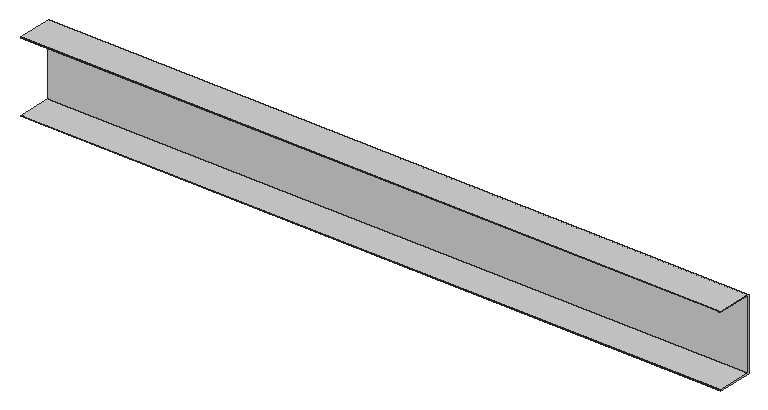
Revit family "BIMSF-SSMA-T-Horizontal", category Structural Framing, Revit 2024
Family settings
  Section Shape = C Profile
  Material for Model Behavior = Steel
  Always export as geometry = No
  Always vertical = Yes
  Cut with Voids When Loaded = No
  Symbolic Representation = From Project Settings
  Shared = No
  Show family pre-cut in plan views = Yes
Parameters (values of type "600T300-33(33)")
  tf1 = 0' - 0"
  r = 0' - 0.035"
  Xcg = bf / 2  # 0' - 1 1/2"
  Weight = 0.00 lbf/ft
  Structural Material [instance] = Metal - Steel - ASTM A992
  Short Tag = ""
  Reported Length [instance] = 5' - 0"
  Model = "V2"
  Long Tag = ""
  DimpleLine = 0' - 0"
  A = 0.25 in²
  Assembly Code = "B10"
  Length [instance] = 5' - 0"
  W = 0.85
  bf = 0' - 3"
  d = 0' - 6"
  tf = 0' - 0.035"
Reference planes (in)
  plane 1 "Center (Front/Back)": y = 0
  plane 2: z = 0
  plane 3 "Center (Left/Right)": x = 0.1815
  plane 4 "Top": z = 3.035
  plane 5: z = -3.035
  plane 6 "Left": x = -29.8185
  plane 7 "Right": x = 30.1815
  plane 8: y = -1.5
  plane 9: y = 1.5
  plane 10: y = 1.465
  plane 11: z = 3
  plane 12: z = -3
Forms (in)
  Extrusion 1, solid, material "Metal - Steel - ASTM A992" <- "Structural Material", detail levels medium+fine
    sketch origin (-29.8185, 0.02734, 0.16016) x (0, -1, 0) y (0, 0, 1)
      loop
        line (1.52734, 2.87484) -> (-1.47266, 2.87484) -> (-1.47266, -3.19516) -> (1.52734, -3.19516) -> (1.52734, -3.16016) -> (-1.43766, -3.16016) -> (-1.43766, 2.83984) -> (1.52734, 2.83984) -> (1.52734, 2.87484)
    from -60 to 0
Lines and regions (in)
  model lines, style "BIMSF.Framing", not visible, detail levels coarse
    curve 1: line (-29.8185, 0, 0) -> (30.1815, 0, 0)
Dimensions and locks (in)
  "d": plane 12 to plane 11
  equal spacing: plane 5, plane 2, plane 4 "Top"
  "Length": plane 6 "Left" to plane 7 "Right"
  "bf": plane 9 to plane 8
  equal spacing: plane 9, plane 1 "Center (Front/Back)", plane 8
  "tf": plane 4 "Top" to plane 11
  "tf": plane 12 to plane 5
  "tf": plane 9 to plane 10
  "Reported Length": Extrusion 1 to Extrusion 1
  aligned and locked: Extrusion 1 sketch curve to plane 4 "Top"
  aligned and locked: plane 8 to Extrusion 1 sketch curve  (x2)
  aligned and locked: Extrusion 1 sketch curve to plane 11
  aligned and locked: plane 10 to Extrusion 1 sketch curve
  aligned and locked: plane 12 to Extrusion 1 sketch curve
  aligned and locked: plane 5 to Extrusion 1 sketch curve
  aligned and locked: Extrusion 1 sketch curve to plane 9
  aligned and locked: plane 2 to level
  aligned and locked: Extrusion 1 to plane 7 "Right"
  aligned and locked: plane 6 "Left" to Extrusion 1
  aligned and locked: plane 1 "Center (Front/Back)" to curve 1
  aligned and locked: plane 6 "Left" to curve 1
  aligned and locked: plane 7 "Right" to curve 1
Types in the file's own list only (143): name | r | Xcg | Weight | bf | d | tf
  162T125-18(33) | 0' - 0" | 0' - 0 1/2" | 0.26 lbf/ft | 0' - 1 1/2" | 0' - 1 1/2" | 0' - 0"
  162T125-27(33) | 0' - 0" | 0' - 0 1/2" | 0.40 lbf/ft | 0' - 1 1/2" | 0' - 1 1/2" | 0' - 0"
  162T125-30(33) | 0' - 0" | 0' - 0 1/2" | 0.44 lbf/ft | 0' - 1 1/2" | 0' - 1 1/2" | 0' - 0"
  162T125-33(33) | 0' - 0" | 0' - 0 1/2" | 0.49 lbf/ft | 0' - 1 1/2" | 0' - 1 1/2" | 0' - 0"
  250T125-18(33) | 0' - 0" | 0' - 0 1/2" | 0.32 lbf/ft | 0' - 1 1/2" | 0' - 2 1/2" | 0' - 0"
  250T125-27(33) | 0' - 0" | 0' - 0 1/2" | 0.48 lbf/ft | 0' - 1 1/2" | 0' - 2 1/2" | 0' - 0"
  250T125-30(33) | 0' - 0" | 0' - 0 1/2" | 0.53 lbf/ft | 0' - 1 1/2" | 0' - 2 1/2" | 0' - 0"
  250T125-33(33) | 0' - 0" | 0' - 0 1/2" | 0.59 lbf/ft | 0' - 1 1/2" | 0' - 2 1/2" | 0' - 0"
  250T125-43(33) | 0' - 0" | 0' - 0 1/2" | 0.77 lbf/ft | 0' - 1 1/2" | 0' - 2 1/2" | 0' - 0"
  250T125-54(50) | 0' - 0" | 0' - 0 1/2" | 0.96 lbf/ft | 0' - 1 1/2" | 0' - 2 1/2" | 0' - 0"
  250T125-68(50) | 0' - 0" | 0' - 0 1/2" | 1.21 lbf/ft | 0' - 1 1/2" | 0' - 2 1/2" | 0' - 0"
  250T150-27(33) | 0' - 0" | 0' - 1" | 0.53 lbf/ft | 0' - 1 1/2" | 0' - 2 1/2" | 0' - 0"
  250T150-30(33) | 0' - 0" | 0' - 1" | 0.58 lbf/ft | 0' - 1 1/2" | 0' - 2 1/2" | 0' - 0"
  250T150-33(33) | 0' - 0" | 0' - 1" | 0.65 lbf/ft | 0' - 1 1/2" | 0' - 2 1/2" | 0' - 0"
  250T150-43(33) | 0' - 0" | 0' - 1" | 0.84 lbf/ft | 0' - 1 1/2" | 0' - 2 1/2" | 0' - 0"
  250T150-54(50) | 0' - 0" | 0' - 1" | 1.06 lbf/ft | 0' - 1 1/2" | 0' - 2 1/2" | 0' - 0"
  250T150-68(50) | 0' - 0" | 0' - 1" | 1.90 lbf/ft | 0' - 1 1/2" | 0' - 2 1/2" | 0' - 0"
  250T200-33(33) | 0' - 0" | 0' - 1" | 0.76 lbf/ft | 0' - 2" | 0' - 2 1/2" | 0' - 0"
  250T200-43(33) | 0' - 0" | 0' - 1" | 1.00 lbf/ft | 0' - 2" | 0' - 2 1/2" | 0' - 0"
  250T200-54(50) | 0' - 0" | 0' - 1" | 1.25 lbf/ft | 0' - 2" | 0' - 2 1/2" | 0' - 0"
  250T200-68(50) | 0' - 0" | 0' - 1" | 1.57 lbf/ft | 0' - 2" | 0' - 2 1/2" | 0' - 0"
  350T125-18(33) | 0' - 0" | 0' - 0 1/2" | 0.38 lbf/ft | 0' - 1 1/2" | 0' - 3 1/2" | 0' - 0"
  350T125-27(33) | 0' - 0" | 0' - 0 1/2" | 0.58 lbf/ft | 0' - 1 1/2" | 0' - 3 1/2" | 0' - 0"
  350T125-30(33) | 0' - 0" | 0' - 0 1/2" | 0.64 lbf/ft | 0' - 1 1/2" | 0' - 3 1/2" | 0' - 0"
  350T125-33(33) | 0' - 0" | 0' - 0 1/2" | 0.71 lbf/ft | 0' - 1 1/2" | 0' - 3 1/2" | 0' - 0"
  350T125-43(33) | 0' - 0" | 0' - 0 1/2" | 0.92 lbf/ft | 0' - 1 1/2" | 0' - 3 1/2" | 0' - 0"
  350T125-54(50) | 0' - 0" | 0' - 0 1/2" | 1.15 lbf/ft | 0' - 1 1/2" | 0' - 3 1/2" | 0' - 0"
  350T125-68(50) | 0' - 0" | 0' - 0 1/2" | 1.45 lbf/ft | 0' - 1 1/2" | 0' - 3 1/2" | 0' - 0"
  350T150-27(33) | 0' - 0" | 0' - 1" | 0.63 lbf/ft | 0' - 1 1/2" | 0' - 3 1/2" | 0' - 0"
  350T150-30(33) | 0' - 0" | 0' - 1" | 0.69 lbf/ft | 0' - 1 1/2" | 0' - 3 1/2" | 0' - 0"
  350T150-33(33) | 0' - 0" | 0' - 1" | 0.76 lbf/ft | 0' - 1 1/2" | 0' - 3 1/2" | 0' - 0"
  350T150-43(33) | 0' - 0" | 0' - 1" | 1.00 lbf/ft | 0' - 1 1/2" | 0' - 3 1/2" | 0' - 0"
  350T150-54(50) | 0' - 0" | 0' - 1" | 1.25 lbf/ft | 0' - 1 1/2" | 0' - 3 1/2" | 0' - 0"
  350T150-68(50) | 0' - 0" | 0' - 1" | 1.57 lbf/ft | 0' - 1 1/2" | 0' - 3 1/2" | 0' - 0"
  350T200-33(33) | 0' - 0" | 0' - 1" | 0.88 lbf/ft | 0' - 2" | 0' - 3 1/2" | 0' - 0"
  350T200-43(33) | 0' - 0" | 0' - 1" | 1.15 lbf/ft | 0' - 2" | 0' - 3 1/2" | 0' - 0"
  350T200-54(50) | 0' - 0" | 0' - 1" | 1.44 lbf/ft | 0' - 2" | 0' - 3 1/2" | 0' - 0"
  350T200-68(50) | 0' - 0" | 0' - 1" | 1.85 lbf/ft | 0' - 2" | 0' - 3 1/2" | 0' - 0"
  362T125-18(33) | 0' - 0" | 0' - 0 1/2" | 0.39 lbf/ft | 0' - 1 1/2" | 0' - 3 1/2" | 0' - 0"
  362T125-27(33) | 0' - 0" | 0' - 0 1/2" | 0.59 lbf/ft | 0' - 1 1/2" | 0' - 3 1/2" | 0' - 0"
  362T125-30(33) | 0' - 0" | 0' - 0 1/2" | 0.65 lbf/ft | 0' - 1 1/2" | 0' - 3 1/2" | 0' - 0"
  362T125-33(33) | 0' - 0" | 0' - 0 1/2" | 0.72 lbf/ft | 0' - 1 1/2" | 0' - 3 1/2" | 0' - 0"
  362T125-43(33) | 0' - 0" | 0' - 0 1/2" | 0.94 lbf/ft | 0' - 1 1/2" | 0' - 3 1/2" | 0' - 0"
  362T125-54(50) | 0' - 0" | 0' - 0 1/2" | 1.18 lbf/ft | 0' - 1 1/2" | 0' - 3 1/2" | 0' - 0"
  362T125-68(50) | 0' - 0" | 0' - 0 1/2" | 1.48 lbf/ft | 0' - 1 1/2" | 0' - 3 1/2" | 0' - 0"
  362T150-27(33) | 0' - 0" | 0' - 1" | 0.64 lbf/ft | 0' - 1 1/2" | 0' - 3 1/2" | 0' - 0"
  362T150-30(33) | 0' - 0" | 0' - 1" | 0.70 lbf/ft | 0' - 1 1/2" | 0' - 3 1/2" | 0' - 0"
  362T150-33(33) | 0' - 0" | 0' - 1" | 0.78 lbf/ft | 0' - 1 1/2" | 0' - 3 1/2" | 0' - 0"
  362T150-43(33) | 0' - 0" | 0' - 1" | 1.02 lbf/ft | 0' - 1 1/2" | 0' - 3 1/2" | 0' - 0"
  362T150-54(50) | 0' - 0" | 0' - 1" | 1.27 lbf/ft | 0' - 1 1/2" | 0' - 3 1/2" | 0' - 0"
  362T150-68(50) | 0' - 0" | 0' - 1" | 1.60 lbf/ft | 0' - 1 1/2" | 0' - 3 1/2" | 0' - 0"
  362T200-33(33) | 0' - 0" | 0' - 1" | 0.90 lbf/ft | 0' - 2" | 0' - 3 1/2" | 0' - 0"
  362T200-43(33) | 0' - 0" | 0' - 1" | 1.17 lbf/ft | 0' - 2" | 0' - 3 1/2" | 0' - 0"
  362T200-54(50) | 0' - 0" | 0' - 1" | 1.47 lbf/ft | 0' - 2" | 0' - 3 1/2" | 0' - 0"
  362T200-68(50) | 0' - 0" | 0' - 1" | 1.85 lbf/ft | 0' - 2" | 0' - 3 1/2" | 0' - 0"
  400T125-18(33) | 0' - 0" | 0' - 0 1/2" | 0.41 lbf/ft | 0' - 1 1/2" | 0' - 4" | 0' - 0"
  400T125-27(33) | 0' - 0" | 0' - 0 1/2" | 0.63 lbf/ft | 0' - 1 1/2" | 0' - 4" | 0' - 0"
  400T125-30(33) | 0' - 0" | 0' - 0 1/2" | 0.69 lbf/ft | 0' - 1 1/2" | 0' - 4" | 0' - 0"
  400T125-33(33) | 0' - 0" | 0' - 0 1/2" | 0.76 lbf/ft | 0' - 1 1/2" | 0' - 4" | 0' - 0"
  400T125-43(33) | 0' - 0" | 0' - 0 1/2" | 1.00 lbf/ft | 0' - 1 1/2" | 0' - 4" | 0' - 0"
  400T125-54(50) | 0' - 0" | 0' - 0 1/2" | 1.25 lbf/ft | 0' - 1 1/2" | 0' - 4" | 0' - 0"
  400T125-68(50) | 0' - 0" | 0' - 0 1/2" | 1.57 lbf/ft | 0' - 1 1/2" | 0' - 4" | 0' - 0"
  400T150-27(33) | 0' - 0" | 0' - 1" | 0.67 lbf/ft | 0' - 1 1/2" | 0' - 4" | 0' - 0"
  400T150-30(33) | 0' - 0" | 0' - 1" | 0.74 lbf/ft | 0' - 1 1/2" | 0' - 4" | 0' - 0"
  400T150-33(33) | 0' - 0" | 0' - 1" | 0.82 lbf/ft | 0' - 1 1/2" | 0' - 4" | 0' - 0"
  400T150-43(33) | 0' - 0" | 0' - 1" | 1.07 lbf/ft | 0' - 1 1/2" | 0' - 4" | 0' - 0"
  400T150-54(50) | 0' - 0" | 0' - 1" | 1.35 lbf/ft | 0' - 1 1/2" | 0' - 4" | 0' - 0"
  400T150-68(50) | 0' - 0" | 0' - 1" | 1.69 lbf/ft | 0' - 1 1/2" | 0' - 4" | 0' - 0"
  400T200-33(33) | 0' - 0" | 0' - 1" | 0.94 lbf/ft | 0' - 2" | 0' - 4" | 0' - 0"
  400T200-43(33) | 0' - 0" | 0' - 1" | 1.23 lbf/ft | 0' - 2" | 0' - 4" | 0' - 0"
  400T200-54(50) | 0' - 0" | 0' - 1" | 1.54 lbf/ft | 0' - 2" | 0' - 4" | 0' - 0"
  400T200-68(50) | 0' - 0" | 0' - 1" | 1.94 lbf/ft | 0' - 2" | 0' - 4" | 0' - 0"
  550T125-27(33) | 0' - 0" | 0' - 0 1/2" | 0.77 lbf/ft | 0' - 1 1/2" | 0' - 5 1/2" | 0' - 0"
  550T125-30(33) | 0' - 0" | 0' - 0 1/2" | 0.85 lbf/ft | 0' - 1 1/2" | 0' - 5 1/2" | 0' - 0"
  550T125-33(33) | 0' - 0" | 0' - 0 1/2" | 0.94 lbf/ft | 0' - 1 1/2" | 0' - 5 1/2" | 0' - 0"
  550T125-43(33) | 0' - 0" | 0' - 0 1/2" | 1.23 lbf/ft | 0' - 1 1/2" | 0' - 5 1/2" | 0' - 0"
  550T125-54(50) | 0' - 0" | 0' - 0 1/2" | 1.54 lbf/ft | 0' - 1 1/2" | 0' - 5 1/2" | 0' - 0"
  550T125-68(50) | 0' - 0" | 0' - 0 1/2" | 1.94 lbf/ft | 0' - 1 1/2" | 0' - 5 1/2" | 0' - 0"
  550T150-27(33) | 0' - 0" | 0' - 1" | 0.82 lbf/ft | 0' - 1 1/2" | 0' - 5 1/2" | 0' - 0"
  550T150-30(33) | 0' - 0" | 0' - 1" | 0.90 lbf/ft | 0' - 1 1/2" | 0' - 5 1/2" | 0' - 0"
  550T150-33(33) | 0' - 0" | 0' - 1" | 1.00 lbf/ft | 0' - 1 1/2" | 0' - 5 1/2" | 0' - 0"
  550T150-43(33) | 0' - 0" | 0' - 1" | 1.30 lbf/ft | 0' - 1 1/2" | 0' - 5 1/2" | 0' - 0"
  550T150-54(50) | 0' - 0" | 0' - 1" | 1.63 lbf/ft | 0' - 1 1/2" | 0' - 5 1/2" | 0' - 0"
  550T150-68(50) | 0' - 0" | 0' - 1" | 2.06 lbf/ft | 0' - 1 1/2" | 0' - 5 1/2" | 0' - 0"
  550T200-33(33) | 0' - 0" | 0' - 1" | 1.12 lbf/ft | 0' - 2" | 0' - 5 1/2" | 0' - 0"
  550T200-43(33) | 0' - 0" | 0' - 1" | 1.46 lbf/ft | 0' - 2" | 0' - 5 1/2" | 0' - 0"
  550T200-54(50) | 0' - 0" | 0' - 1" | 1.83 lbf/ft | 0' - 2" | 0' - 5 1/2" | 0' - 0"
  550T200-68(50) | 0' - 0" | 0' - 1" | 2.30 lbf/ft | 0' - 2" | 0' - 5 1/2" | 0' - 0"
  600T125-27(33) | 0' - 0" | 0' - 0 1/2" | 0.82 lbf/ft | 0' - 1 1/2" | 0' - 6" | 0' - 0"
  600T125-30(33) | 0' - 0" | 0' - 0 1/2" | 0.90 lbf/ft | 0' - 1 1/2" | 0' - 6" | 0' - 0"
  600T125-33(33) | 0' - 0" | 0' - 0 1/2" | 1.00 lbf/ft | 0' - 1 1/2" | 0' - 6" | 0' - 0"
  600T125-43(33) | 0' - 0" | 0' - 0 1/2" | 1.30 lbf/ft | 0' - 1 1/2" | 0' - 6" | 0' - 0"
  600T125-54(50) | 0' - 0" | 0' - 0 1/2" | 1.63 lbf/ft | 0' - 1 1/2" | 0' - 6" | 0' - 0"
  600T125-68(50) | 0' - 0" | 0' - 0 1/2" | 2.06 lbf/ft | 0' - 1 1/2" | 0' - 6" | 0' - 0"
  600T125-97(50) | 0' - 0" | 0' - 0 1/2" | 2.93 lbf/ft | 0' - 1 1/2" | 0' - 6" | 0' - 0"
  600T150-27(33) | 0' - 0" | 0' - 1" | 0.87 lbf/ft | 0' - 1 1/2" | 0' - 6" | 0' - 0"
  600T150-30(33) | 0' - 0" | 0' - 1" | 0.96 lbf/ft | 0' - 1 1/2" | 0' - 6" | 0' - 0"
  600T150-33(33) | 0' - 0" | 0' - 1" | 1.06 lbf/ft | 0' - 1 1/2" | 0' - 6" | 0' - 0"
  600T150-43(33) | 0' - 0" | 0' - 1" | 1.38 lbf/ft | 0' - 1 1/2" | 0' - 6" | 0' - 0"
  600T150-54(50) | 0' - 0" | 0' - 1" | 1.73 lbf/ft | 0' - 1 1/2" | 0' - 6" | 0' - 0"
  600T150-68(50) | 0' - 0" | 0' - 1" | 2.18 lbf/ft | 0' - 1 1/2" | 0' - 6" | 0' - 0"
  600T150-97(50) | 0' - 0" | 0' - 1" | 3.11 lbf/ft | 0' - 1 1/2" | 0' - 6" | 0' - 0"
  600T200-33(33) | 0' - 0" | 0' - 1" | 1.18 lbf/ft | 0' - 2" | 0' - 6" | 0' - 0"
  600T200-43(33) | 0' - 0" | 0' - 1" | 1.53 lbf/ft | 0' - 2" | 0' - 6" | 0' - 0"
  600T200-54(50) | 0' - 0" | 0' - 1" | 1.92 lbf/ft | 0' - 2" | 0' - 6" | 0' - 0"
  600T200-68(50) | 0' - 0" | 0' - 1" | 2.42 lbf/ft | 0' - 2" | 0' - 6" | 0' - 0"
  600T200-97(50) | 0' - 0" | 0' - 1" | 3.45 lbf/ft | 0' - 2" | 0' - 6" | 0' - 0"
  800T125-33(33) | 0' - 0" | 0' - 0 1/2" | 1.24 lbf/ft | 0' - 1 1/2" | 0' - 8" | 0' - 0"
  800T125-43(33) | 0' - 0" | 0' - 0 1/2" | 1.61 lbf/ft | 0' - 1 1/2" | 0' - 8" | 0' - 0"
  800T125-54(50) | 0' - 0" | 0' - 0 1/2" | 2.02 lbf/ft | 0' - 1 1/2" | 0' - 8" | 0' - 0"
  800T125-68(50) | 0' - 0" | 0' - 0 1/2" | 2.54 lbf/ft | 0' - 1 1/2" | 0' - 8" | 0' - 0"
  800T125-97(50) | 0' - 0" | 0' - 0 1/2" | 3.63 lbf/ft | 0' - 1 1/2" | 0' - 8" | 0' - 0"
  800T150-33(33) | 0' - 0" | 0' - 1" | 1.29 lbf/ft | 0' - 1 1/2" | 0' - 8" | 0' - 0"
  800T150-43(33) | 0' - 0" | 0' - 1" | 1.69 lbf/ft | 0' - 1 1/2" | 0' - 8" | 0' - 0"
  800T150-54(50) | 0' - 0" | 0' - 1" | 2.12 lbf/ft | 0' - 1 1/2" | 0' - 8" | 0' - 0"
  800T150-68(50) | 0' - 0" | 0' - 1" | 2.67 lbf/ft | 0' - 1 1/2" | 0' - 8" | 0' - 0"
  800T150-97(50) | 0' - 0" | 0' - 1" | 3.80 lbf/ft | 0' - 1 1/2" | 0' - 8" | 0' - 0"
  800T200-33(33) | 0' - 0" | 0' - 1" | 1.41 lbf/ft | 0' - 2" | 0' - 8" | 0' - 0"
  800T200-43(33) | 0' - 0" | 0' - 1" | 1.84 lbf/ft | 0' - 2" | 0' - 8" | 0' - 0"
  800T200-54(50) | 0' - 0" | 0' - 1" | 2.31 lbf/ft | 0' - 2" | 0' - 8" | 0' - 0"
  800T200-68(50) | 0' - 0" | 0' - 1" | 2.91 lbf/ft | 0' - 2" | 0' - 8" | 0' - 0"
  800T200-97(50) | 0' - 0" | 0' - 1" | 4.15 lbf/ft | 0' - 2" | 0' - 8" | 0' - 0"
  1000T125-43(33) | 0' - 0" | 0' - 0 1/2" | 1.92 lbf/ft | 0' - 1 1/2" | 0' - 10" | 0' - 0"
  1000T125-54(50) | 0' - 0" | 0' - 0 1/2" | 2.41 lbf/ft | 0' - 1 1/2" | 0' - 10" | 0' - 0"
  1000T125-68(50) | 0' - 0" | 0' - 0 1/2" | 3.03 lbf/ft | 0' - 1 1/2" | 0' - 10" | 0' - 0"
  1000T125-97(50) | 0' - 0" | 0' - 0 1/2" | 4.32 lbf/ft | 0' - 1 1/2" | 0' - 10" | 0' - 0"
  1000T150-43(33) | 0' - 0" | 0' - 1" | 1.99 lbf/ft | 0' - 1 1/2" | 0' - 10" | 0' - 0"
  1000T150-54(50) | 0' - 0" | 0' - 1" | 2.50 lbf/ft | 0' - 1 1/2" | 0' - 10" | 0' - 0"
  1000T150-68(50) | 0' - 0" | 0' - 1" | 3.15 lbf/ft | 0' - 1 1/2" | 0' - 10" | 0' - 0"
  1000T150-97(50) | 0' - 0" | 0' - 1" | 4.49 lbf/ft | 0' - 1 1/2" | 0' - 10" | 0' - 0"
  1000T200-43(33) | 0' - 0" | 0' - 1" | 2.15 lbf/ft | 0' - 2" | 0' - 10" | 0' - 0"
  1000T200-54(50) | 0' - 0" | 0' - 1" | 2.69 lbf/ft | 0' - 2" | 0' - 10" | 0' - 0"
  1000T200-68(50) | 0' - 0" | 0' - 1" | 3.39 lbf/ft | 0' - 2" | 0' - 10" | 0' - 0"
  1000T200-97(50) | 0' - 0" | 0' - 1" | 4.84 lbf/ft | 0' - 2" | 0' - 10" | 0' - 0"
  1200T125-54(50) | 0' - 0" | 0' - 0 1/2" | 2.79 lbf/ft | 0' - 1 1/2" | 1' - 0" | 0' - 0"
  1200T125-68(50) | 0' - 0" | 0' - 0 1/2" | 3.51 lbf/ft | 0' - 1 1/2" | 1' - 0" | 0' - 0"
  1200T125-97(50) | 0' - 0" | 0' - 0 1/2" | 5.01 lbf/ft | 0' - 1 1/2" | 1' - 0" | 0' - 0"
  1200T150-54(50) | 0' - 0" | 0' - 1" | 2.89 lbf/ft | 0' - 1 1/2" | 1' - 0" | 0' - 0"
  1200T150-68(50) | 0' - 0" | 0' - 1" | 3.64 lbf/ft | 0' - 1 1/2" | 1' - 0" | 0' - 0"
  1200T150-97(50) | 0' - 0" | 0' - 1" | 5.18 lbf/ft | 0' - 1 1/2" | 1' - 0" | 0' - 0"
  1200T200-54(50) | 0' - 0" | 0' - 1" | 3.08 lbf/ft | 0' - 2" | 1' - 0" | 0' - 0"
  1200T200-68(50) | 0' - 0" | 0' - 1" | 3.88 lbf/ft | 0' - 2" | 1' - 0" | 0' - 0"
  1200T200-97(50) | 0' - 0" | 0' - 1" | 5.53 lbf/ft | 0' - 2" | 1' - 0" | 0' - 0"
